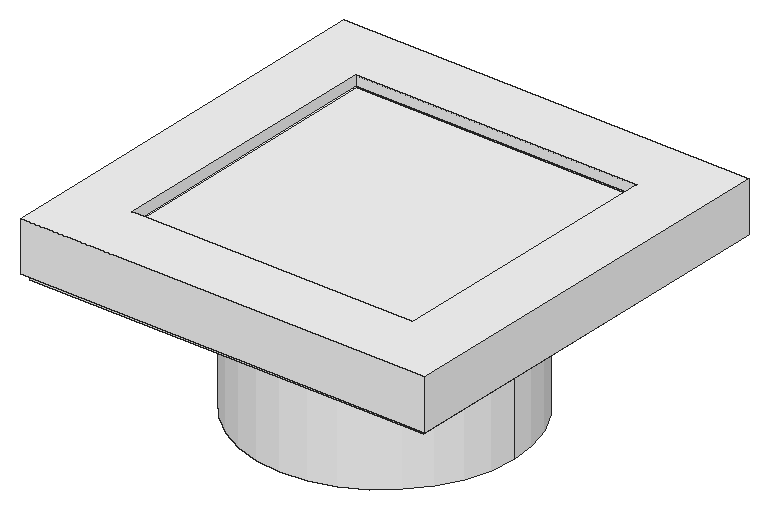
Revit family "Gira_029628", category Electrical Fixtures, host Face, Revit 2017
Family settings
  Host = Face
  Maintain Annotation Orientation = Yes
  Round Connector Dimension = Use Diameter
  Part Type = Normal
  Cut with Voids When Loaded = No
  Shared = No
  Room Calculation Point = No
Parameters (values of type "Rocker System 55 anthra.")
  With exchangeable lens/symbol = "No"
  White [instance] = White
  URL = "http://katalog.gira.de/en/datenblatt.html?artikelnr=029628"
  Suitable for touch sensor connector for bus system = "Yes"
  Scannable symbol / barrier free = "No"
  Name = "Rocker System 55 anthra."
  Monitoring window/light outlet = "No"
  Model = "Single rocker"
  Manufacturer URL = "https://www.gira.de/"
  Manufacturer = "Gira"
  HeinzeBIM = "https://bimportal.heinze.de/bim/rocker-system-55-anthra-/dd89f9fb04045fa8be7b0e31d4602a8e99e45d29"
  HAN = "029628"
  GTIN = "4010337296287"
  Description = "Rock. Sys55 AN,Rocker,,anthracite,"
  Default Elevation = 1219.2 mm
  Data sheet (1) = "https://katalog.gira.de/en/download.html?artikelnr=029628"
  Category = "Control element/cover plate for domestic switching devices"
  BIM (1) = "https://media.stage.bim.site/public/gira/36a6b08/Sys55_Komplettgerät_Schalten und Tasten.rfa?public/gira/36a6b08/Sys55_Komplettgerät_Schalten und Tasten.rfa"
  Available = "No"
Reference planes
  plane 1 "Center (Front/Back)": y = 0
  plane 2: z = 0
  plane 3 "Center (Left/Right)": x = 0
Forms (mm)
  Extrusion 1, solid, material "White" <- "White", detail levels medium
    sketch origin (0, 0, 0) x (1, 0, 0) y (0, 1, 0)
      loop
        line (-40.4, 40.4) -> (-40.4, -40.4) -> (40.4, -40.4) -> (40.4, 40.4) -> (-40.4, 40.4)
      loop
        line (-28, 28) -> (-28, -28) -> (28, -28) -> (28, 28) -> (-28, 28)
    from 0 to 10
  Extrusion 2, solid, material "White" <- "White", detail levels fine
    sketch origin (0, 0, 0) x (1, 0, 0) y (0, 1, 0)
      loop
        line (-40.4, 40.4) -> (-40.4, -40.4) -> (40.4, -40.4) -> (40.4, 40.4) -> (-40.4, 40.4)
      loop
        line (-28, 28) -> (-28, -28) -> (28, -28) -> (28, 28) -> (-28, 28)
    from 0 to 10
  Extrusion 3, void
    sketch origin (0, 0, 0) x (1, 0, 0) y (0, 1, 0)
      loop
        line (-38.4, 38.4) -> (-38.4, -38.4) -> (38.4, -38.4) -> (38.4, 38.4) -> (-38.4, 38.4)
    from 0 to 8
  Extrusion 4, solid, material "White" <- "White", detail levels medium+fine
    sketch origin (0, 0, 0) x (1, 0, 0) y (0, 1, 0)
      loop
        line (-39.4, 39.4) -> (-39.4, -39.4) -> (39.4, -39.4) -> (39.4, 39.4) -> (-39.4, 39.4)
    from 0 to -1
  Extrusion 5, solid, material "White" <- "White", detail levels medium+fine
    sketch origin (0, 0, 0) x (1, 0, 0) y (0, 1, 0)
      loop
        line (-35.5, 35.5) -> (-35.5, -35.5) -> (35.5, -35.5) -> (35.5, 35.5) -> (-35.5, 35.5)
    from -2 to -3
  Extrusion 6, solid, material "White" <- "White", detail levels medium+fine
    sketch origin (0, 0, 0) x (1, 0, 0) y (0, 1, 0)
      loop
        circle (0, 0) r 26
    from 0 to -27.5
  Extrusion 7, solid, material "White" <- "White", detail levels coarse
    sketch origin (0, 0, 0) x (1, 0, 0) y (0, 1, 0)
      loop
        line (-40.4, 40.4) -> (-40.4, -40.4) -> (40.4, -40.4) -> (40.4, 40.4) -> (-40.4, 40.4)
    from -27.5 to 10
Cuts and joins
  Extrusion 3 cuts Extrusion 2
Dimensions and locks
  aligned and locked: plane 2 to host face
  aligned and locked: level to host face
  aligned and locked: plane 3 "Center (Left/Right)" to nested 2
  aligned and locked: plane 1 "Center (Front/Back)" to nested 2
Nested families
  nested 1: "Sys55_Abdeckung_Schalten und Tasten_floor_base" at (0, 0, 0), type "Sys55_Abdeckung_Schalten und Tasten_floor_base"
  nested 2: "Schalter" at (0, 0, 0), type "Schalter"
Connectors
  electrical at (0, 0, -27.5)
    settings: on Extrusion 6, index 1, voltage 220 V, apparent load 0 VA, apparent load phase1 0 VA, apparent load phase2 0 VA, apparent load phase3 0 VA, power factor 1, load classification "Other", number of poles 1, system type 30, power factor state 1, is connector primary yes, connector utility no, sub classification motor no, connector description ""
Definition of nested family "Sys55_Abdeckung_Schalten und Tasten_floor_base"
  Parameters
    Default Elevation = 1219.2 mm
    White [instance] = none
  Reference planes
    plane 1 "Center (Front/Back)": y = 0
    plane 2: z = 0
    plane 3 "Center (Left/Right)": x = 0
  Forms (mm)
    Extrusion 1, solid
      sketch origin (0, 0, 0) x (1, 0, 0) y (0, 1, 0)
        loop
          line (-1219.2, 1219.2) -> (-1219.2, -1219.2) -> (1219.2, -1219.2) -> (1219.2, 1219.2) -> (-1219.2, 1219.2)
      from 0 to -304.8
    Extrusion 2, solid, material <- "White", detail levels fine
      sketch origin (0, 0, 0) x (1, 0, 0) y (0, 1, 0)
        loop
          line (-27.5, 27.5) -> (-27.5, -27.5) -> (27.5, -27.5) -> (27.5, 27.5) -> (-27.5, 27.5)
      from 0 to 8
    Extrusion 3, void
      sketch origin (0, 0, 0) x (1, 0, 0) y (0, 1, 0)
        loop
          line (26, 26) -> (-26, 26) -> (-26, -26) -> (26, -26) -> (26, 26)
      from 0 to 6
    Extrusion 4, solid, material <- "White", detail levels medium
      sketch origin (0, 0, 0) x (1, 0, 0) y (0, 1, 0)
        loop
          line (-27.5, 27.5) -> (-27.5, -27.5) -> (27.5, -27.5) -> (27.5, 27.5) -> (-27.5, 27.5)
      from 0 to 8
    Extrusion 5, solid, material <- "White", detail levels medium
      sketch origin (0, 0, 0) x (1, 0, 0) y (0, 1, 0)
        loop
          line (11, -17.5) -> (11, 17.5) -> (-11, 17.5) -> (-11, -17.5) -> (11, -17.5)
      from -6 to 6
    Extrusion 6, solid, material <- "White", detail levels fine
      sketch origin (0, 0, 0) x (1, 0, 0) y (0, 1, 0)
        loop
          line (11, 17.5) -> (-11, 17.5) -> (-11, 16.5) -> (11, 16.5) -> (11, 17.5)
        loop
          line (-11, -16.5) -> (-11, -17.5) -> (11, -17.5) -> (11, -16.5) -> (-11, -16.5)
      from -4 to 6
    Extrusion 7, solid, material <- "White", detail levels fine
      sketch origin (0, 0, 0) x (1, 0, 0) y (0, 1, 0)
        loop
          arc (5, 9.347) -> (0, 10.6) -> (-5, 9.347) r 10.6
          line (-5, 9.347) -> (-5, -9.347)
          arc (-5, -9.347) -> (0, -10.6) -> (5, -9.347) r 10.6
          line (5, -9.347) -> (5, 9.347)
      from -6 to 6
    Extrusion 8, solid, material <- "White", detail levels coarse
      sketch origin (0, 0, 0) x (1, 0, 0) y (0, 1, 0)
        loop
          line (-27.5, 27.5) -> (-27.5, -27.5) -> (27.5, -27.5) -> (27.5, 27.5) -> (-27.5, 27.5)
      from -6 to 8
  Cuts and joins
    Extrusion 3 cuts Extrusion 2
  Dimensions and locks
    aligned and locked: plane 2 to Extrusion 1
    aligned and locked: level to Extrusion 1
Definition of nested family "Schalter"
  Reference planes
    plane 1: y = 0
    plane 2: x = 0
  Lines and regions (mm)
    detail lines
      curve 1: circle (1.375, 2.778, 0) r 0.8 normal (0, 0, 1)
      curve 2: line (1.021, 2.061, 0) -> (0, 0, 0)
      curve 3: line (0, 0, 0) -> (-0.538, 0.266, 0)
  Dimensions and locks
    curve 2 to curve 2 = 2.3 mm
    curve 3 to curve 2 = 0.6 mm
    radius of curve 1 = 0.8 mm
